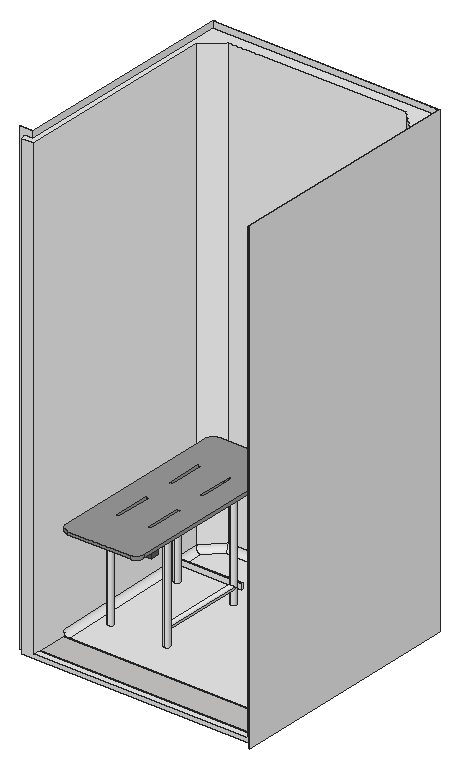
Revit family "LES24038A75FTT.V2,2FTT.V2,75FTB.V2,2FTB.V2", category Plumbing Fixtures, Revit 2017
Family settings
  Round Connector Dimension = Use Diameter
  Part Type = Normal
  OmniClass Number = 23.45.05.14.17
  OmniClass Title = Showers
  Work Plane-Based = No
  Always vertical = Yes
  Cut with Voids When Loaded = No
  Shared = No
  Room Calculation Point = No
Parameters (values of type "LES24038A75FTT.V2")
  Unit Width = 40 1/4"
  Unit Height = 78 3/4"
  Unit Depth = 39"
  URL = "http://www.bestbath.com/"
  Type Comments = "ADA Compliant"
  Threshold Height = 3/4"
  Seat Height = 18"
  Model = "LES24038A75FTT.V2"
  Material [instance] = Best Bath Gelcoat Fiberglass - 8in Tile
  Manufacturer = "best bath"
  Keynote = "22 40 00.B3"
  Description = "Trench Drain, 8\" Traditional Bull Nose Threshold"
  Assembly Code = "D2010710"
Types (5): name | Unit Height | Unit Depth | Threshold Height | Model | Description
  (no name) | 78 3/4" | 39" | 3/4" | "LES24038A75FTT.V2" | "Trench Drain, 8\" Traditional Bull Nose Threshold"
  LES24038A75FTB.V2 | 78 3/4" | 38" | 3/4" | "LES24038A75FTB.V2" | "Trench Drain, 8\" Tile, Beveled Threshold"
  LES24038A2FTB.V2 | 80" | 38" | 2" | "LES24038A2FTB.V2" | "Trench Drain, 8\" Tile, Traditional Bull Nose Threshold"
  LES24038A75FTT.V2 | 78 3/4" | 39" | 3/4" | "LES24038A75FTT.V2" | "Trench Drain, 8\" Traditional Bull Nose Threshold"
  LES24038A2FTT.V2 | 80" | 38" | 2" | "LES24038A2FTT.V2" | "Trench Drain, 8\" Tile, Traditional Bull Nose Threshold"
Reference planes (in)
  plane 1 "Back": y = -0.5
  plane 2: z = 0
  plane 3 "Left": x = 0
  plane 4: x = 38.25
  plane 5: y = -39.5
  plane 6: z = 77.75
  plane 7: z = 0.75
  plane 8: z = 78.75
  plane 9: x = 19.125
  plane 10: y = -38.375
  plane 11: y = -2.5
  plane 12: z = 0.375
  plane 13: z = 18.75
  plane 14: z = 34.75
  plane 15: z = 39.75
  plane 16: y = -40.5
  plane 17: x = -2
  plane 18: y = -35.8125
  plane 19: y = -33.26562
Forms (in)
  Extrusion 1, solid, material "Best Bath Gelcoat Fiberglass - Smooth"
    sketch origin (0, 0, 0) x (1, 0, 0) y (0, 1, 0)
      loop
        line (0, -0.5) -> (0, -38.375) -> (-1.17644, -38.375) -> (-0.875, -39.5) -> (1.125, -39.5) -> (1.125, -5.5) -> (4.125, -2.5) -> (34.125, -2.5) -> (37.125, -5.5) -> (37.125, -39.5) -> (38.25, -39.5) -> (38.25, -0.5) -> (0, -0.5)
    from 0 to 77.75
  Extrusion 2, solid, material "Best Bath Gelcoat Fiberglass - Smooth"
    sketch origin (0, 0, 0) x (1, 0, 0) y (0, 1, 0)
      loop
        line (0, -0.5) -> (0, -38.375) -> (-2.02391, -38.375) -> (-2.02391, -38.5) -> (0.125, -38.5) -> (0.125, -0.625) -> (38.125, -0.625) -> (38.125, -40.5) -> (38.25, -40.5) -> (38.25, -0.5) -> (0, -0.5)
    from 0 to 78.75
  Extrusion 3, solid, material "Best Bath Gelcoat Fiberglass - Smooth"
    sketch origin (0, 0, 0) x (0, 1, 0) y (0, 0, 1)
      loop
        line (-39.5, 0) -> (-2.5, 0) -> (-2.5, 1.345) -> (-33.26562, 0.74969) -> (-39.5, 0.74969) -> (-39.5, 0)
    from 0 to 38.25
  Extrusion 4, void
    sketch origin (0, 0, 0) x (1, 0, 0) y (0, 1, 0)
      loop
        circle (19.125, -35.8125) r 1.5
    from 0 to 4.14312
  Extrusion 5, void
    sketch origin (0, 0, 0) x (1, 0, 0) y (0, 1, 0)
      loop
        line (1.125, -33.26562) -> (1.125, -38.375) -> (37.125, -38.375) -> (37.125, -33.26562) -> (1.125, -33.26562)
    from 0.375 to 4.14312
  Extrusion 6, solid, material "Stainless Steel, Brushed"
    sketch origin (0, 0, 0) x (1, 0, 0) y (0, 1, 0)
      loop
        line (1.25, -33.37995) -> (1.25, -38.24623) -> (37, -38.24623) -> (37, -33.37995) -> (1.25, -33.37995)
    from 0.58504 to 0.75
  Sweep 7, solid, material "Best Bath Gelcoat Fiberglass - Smooth"
    path in 3D
      loop
        line (1.125, -39.5, 0.74969) -> (1.125, -33.26562, 0.74969) -> (1.125, -5.5, 1.28695) -> (4.125, -2.5, 1.345) -> (34.125, -2.5, 1.345) -> (37.125, -5.5, 1.28695) -> (37.125, -33.26562, 0.74969) -> (37.125, -39.5, 0.74969)
    profile origin (1.125, -36.38281, 0.74969) x (-1, 0, 0) y (0, 0, 1)
      loop
        line (0, 0) -> (0, 1.00031)
        arc (0, 1.00031) -> (-0.29289, 0.29321) -> (-1, 0) r 1
        line (-1, 0) -> (0, 0)
  Extrusion 8, void
    sketch origin (0, 0, 0) x (1, 0, 0) y (0, 1, 0)
      loop
        line (1.125, -33.26562) -> (1.125, -46.76562) -> (37.125, -46.76562) -> (37.125, -33.26562) -> (1.125, -33.26562)
    from 0.75 to 4.14312
Cuts and joins
  Extrusion 4, Extrusion 5 cuts Extrusion 1
  Extrusion 4, Extrusion 5 cuts Extrusion 2
  Extrusion 4, Extrusion 5 cuts Extrusion 3
  joined: Extrusion 1, Extrusion 2, Extrusion 3
  Extrusion 8 cuts Sweep 7
Lines and regions (in)
  Split face 1
    outline origin (-0.875, -39.5, 77.75) x (0, 0, -1) y (1, 0, 0)
      loop
        line (75.46489, 38) -> (75.46489, 39)
      loop
        line (75.46489, 2) -> (75.46489, 0)
  sketch lines
    curve 1: line (1.125, -39.5, 0.74969) -> (1.125, -33.26562, 0.74969)
    curve 2: line (1.125, -33.26562, 0.74969) -> (1.125, -5.5, 1.28695)
    curve 3: line (1.125, -5.5, 1.28695) -> (4.125, -2.5, 1.345)
    curve 4: line (4.125, -2.5, 1.345) -> (34.125, -2.5, 1.345)
    curve 5: line (34.125, -2.5, 1.345) -> (37.125, -5.5, 1.28695)
    curve 6: line (37.125, -5.5, 1.28695) -> (37.125, -33.26562, 0.74969)
    curve 7: line (37.125, -33.26562, 0.74969) -> (37.125, -39.5, 0.74969)
Dimensions and locks (in)
  locked: plane 3 "Left" to plane 4 at 38.25
  "Unit Depth": plane 1 "Back" to plane 5
  "Threshold Height": plane 7 to level
  locked: plane 8 to plane 6 at 1
  "Unit Height": plane 8 to level
  equal spacing: plane 3 "Left", plane 9, plane 4
  locked: plane 11 to plane 1 "Back" at 2
  Extrusion 1 sketch curve to Extrusion 1 sketch curve = 4.24264"  (x2)
  locked: plane 7 to plane 12 at 0.375
  "Seat Height": plane 13 to plane 7
  locked: plane 14 to plane 7 at 34
  locked: plane 15 to plane 7 at 39
  plane 5 to plane 16 = 1"
  "Unit Width": plane 17 to plane 4
  locked: plane 18 to plane 5 at 3.6875
  locked: plane 19 to plane 5 at 6.23438
  locked: plane 19 to plane 10 at 5.10938
  cut or joined group of Extrusion 1, Extrusion 2, Extrusion 3, Extrusion 4, Extrusion 5 to cut or joined group of Extrusion 1, Extrusion 2, Extrusion 3, Extrusion 4, Extrusion 5 = 36"
  aligned and locked: level to plane 2
  aligned and locked: Extrusion 1 sketch curve to plane 11
  aligned and locked: plane 14 to nested 1
  aligned and locked: plane 15 to nested 2
  aligned and locked: plane 8 to cut or joined group of Extrusion 1, Extrusion 2, Extrusion 3, Extrusion 4, Extrusion 5
  aligned and locked: plane 6 to cut or joined group of Extrusion 1, Extrusion 2, Extrusion 3, Extrusion 4, Extrusion 5
  aligned and locked: Extrusion 3 to plane 4
  aligned and locked: Extrusion 3 to plane 3 "Left"
  aligned and locked: cut or joined group of Extrusion 1, Extrusion 2, Extrusion 3, Extrusion 4, Extrusion 5 to Extrusion 3  (x2)
  aligned and locked: plane 11 to Extrusion 3
  aligned and locked: Extrusion 3 to plane 5
  aligned and locked: plane 18 to Extrusion 4 sketch curve
  aligned and locked: plane 9 to Extrusion 4 sketch curve
  aligned and locked: Extrusion 5 sketch curve to plane 19
  aligned and locked: plane 10 to Extrusion 5 sketch curve
  aligned and locked: plane 7 to Extrusion 6
  aligned and locked: Sweep 7 sketch curve to profile plane
  aligned and locked: Extrusion 8 to cut or joined group of Extrusion 1, Extrusion 2, Extrusion 3, Extrusion 4, Extrusion 5
  aligned and locked: Extrusion 8 to plane 7
  aligned and locked: cut or joined group of Extrusion 1, Extrusion 2, Extrusion 3, Extrusion 4, Extrusion 5 to nested 3
  aligned and locked: plane 13 to nested 3
  aligned and locked: nested 4 to nested 2
  aligned and locked: plane 14 to nested 4
Automatic sketch dimensions
  Extrusion 1 sketch curve to plane 10 = 0"
  Extrusion 1 sketch curve to plane 5 = 0"  (x2)
  plane 3 "Left" to Extrusion 1 sketch curve = 4 1/8"
  plane 4 to Extrusion 1 sketch curve = 4 1/8"
  Extrusion 1 sketch curve to plane 3 "Left" = 7/8"
  Extrusion 1 sketch curve to Extrusion 1 sketch curve = 0.30144"
  Extrusion 2 sketch curve to plane 10 = 0"
  plane 1 "Back" to Extrusion 2 sketch curve = 0"
  Extrusion 2 sketch curve to plane 3 "Left" = 0"
  Extrusion 2 sketch curve to plane 16 = 0"
  Extrusion 2 sketch curve to plane 4 = 0"
  Extrusion 2 sketch curve to plane 10 = 1/8"
  plane 3 "Left" to Extrusion 2 sketch curve = 1/8"
  plane 4 to Extrusion 2 sketch curve = 1/8"
  plane 1 "Back" to Extrusion 2 sketch curve = 1/8"
  Extrusion 2 sketch curve to plane 3 "Left" = 2.02391"
  plane 1 "Back" to Extrusion 1 sketch curve = 0"
  Extrusion 1 sketch curve to plane 3 "Left" = 0"
  Extrusion 1 sketch curve to plane 4 = 0"
  plane 3 "Left" to Extrusion 1 sketch curve = 1 1/8"
  plane 4 to Extrusion 1 sketch curve = 1 1/8"
  Extrusion 3 sketch curve to level = 0"
  Extrusion 3 sketch curve to plane 5 = 0"
  Extrusion 3 sketch curve to plane 11 = 0"
  Extrusion 3 sketch curve to plane 7 = 0.00031"
  plane 7 to Extrusion 3 sketch curve = 0.595"
  plane 19 to Extrusion 3 sketch curve = 0"
  Sweep 7 sketch curve to profile plane = 0"
  profile plane to Sweep 7 sketch curve = 1"
  Sweep 7 sketch curve to Sweep 7 sketch curve = 1.00031"
  Sweep 7 sketch curve to Sweep 7 sketch curve = 0"
  plane 3 "Left" to Extrusion 8 sketch curve = 1 1/8"
  plane 4 to Extrusion 8 sketch curve = 1 1/8"
  Extrusion 8 sketch curve to plane 16 = 6 17/64"
  plane 16 to Extrusion 8 sketch curve = 7 15/64"
  cut or joined group of Extrusion 1, Extrusion 2, Extrusion 3, Extrusion 4, Extrusion 5 to Split face 1 sketch curve = 0"  (x3)
  Split face 1 sketch curve to cut or joined group of Extrusion 1, Extrusion 2, Extrusion 3, Extrusion 4, Extrusion 5 = 0"
  cut or joined group of Extrusion 1, Extrusion 2, Extrusion 3, Extrusion 4, Extrusion 5 to Split face 1 sketch curve = 1.53542"  (x2)
  plane 3 "Left" to Extrusion 5 sketch curve = 1 1/8"
  plane 4 to Extrusion 5 sketch curve = 1 1/8"
  plane 10 to Extrusion 6 sketch curve = 0.12877"
  plane 3 "Left" to Extrusion 6 sketch curve = 1 1/4"
  plane 4 to Extrusion 6 sketch curve = 1 1/4"
  Extrusion 6 sketch curve to plane 19 = 0.11433"
  radius of Extrusion 4 sketch curve = 1 1/2"
Nested families (in)
  nested 1: "Grab Bar - horiz" at (19.125, -2.5, 0.125), type "12" x 1.25""
  nested 2: "Grab Bar - vertical" at (37.125, -34.5, 0.125) x (0, -1, 0) z (0, 0, 1), type "18" x 1.25""
  nested 3: "ADA Shower Seat SE3215PHSO" at (1.125, -20, 0.125) x (0, 1, 0) z (0, 0, 1), type "32" x 15""
  nested 4: "Grab Bar - horiz" at (37.125, -8.5, 0.125) x (0, -1, 0) z (0, 0, 1), type "24" x 1.25""
Definition of nested family "Grab Bar - horiz"
  Parameters (values of type "12" x 1.25"")
    Grab Bar Size = 12"
    URL = "http://seachrome.com/"
    Threshold Height = 5/8"
    Mounting Height = 34"
    Model = "GB12QSS"
    Manufacturer = "Seachrome Corp."
    Keynote = "10 28 00.C1"
    Description = "12\" x 1.25\" grab bar"
    Assembly Code = "C1030200"
  Types (13): name | Grab Bar Size | Model | Description
    12" x 1.25" | 12" | "GB12QSS" | "12\" x 1.25\" grab bar"
    27" x 1.25" | 27" | "GB27QSS" | "27\" x 1.25\" grab bar"
    24" x 1.25" | 24" | "GB24QSS" | "24\" x 1.25\" grab bar"
    48" x 1.25" | 48" | "GB48QSS" | "48\" x 1.25\" grab bar"
    25" x 1.25" | 25" | "GB25QSS" | "25\" x 1.25\" grab bar"
    42" x 1.25" | 42" | "GB42QSS" | "42\" x 1.25\" grab bar"
    18" x 1.25" | 18" | "GB18QSS" | "18\" x 1.25\" grab bar"
    22" x 1.25" | 22" | "GB22QSS" | "22\" x 1.25\" grab bar"
    30" x 1.25" | 30" | "GB30QSS" | "30\" x 1.25\" grab bar"
    36" x 1.25" | 36" | "GB36QSS" | "36\" x 1.25\" grab bar"
    38" x 1.25 | 38" | "GB38QSS" | "38\" x 1.25\" grab bar"
    44" x 1.25" | 44" | "GB44QSS" | "44\" x 1.25\" grab bar"
    39" x 1.25" | 39" | "GB24QSS" | "39\" x 1.25\" grab bar"
  Reference planes (in)
    plane 1 "Center (Front/Back)": y = 0
    plane 2: z = 0
    plane 3 "Center (Left/Right)": x = 0
    plane 4: z = 34.625
    plane 5: z = 0.625
    plane 6: x = 12
  Forms (in)
    Extrusion 1, solid
      sketch origin (0, 0, 0) x (1, 0, 0) y (0, 0, 1)
        loop
          circle (0, 34.625) r 1.5625
        loop
          circle (12, 34.625) r 1.5625
      from 0 to 0.25
    Sweep 2, solid
      path origin (0, 0, 0) x (1, 0, 0) y (0, 1, 0)
        loop
          line (0, -0.25) -> (0, -0.375)
          arc (0, -0.375) -> (0.51256, -1.61244) -> (1.75, -2.125) r 1.75
          line (1.75, -2.125) -> (10.25, -2.125)
          arc (10.25, -2.125) -> (11.48744, -1.61244) -> (12, -0.375) r 1.75
          line (12, -0.375) -> (12, -0.25)
      profile origin (6, -2.125, 0) x (0, 1, 0) y (0, 0, 1)
        loop
          circle (0, 34.625) r 0.625
  Dimensions and locks (in)
    "Threshold Height": plane 5 to level
    "Mounting Height": plane 4 to plane 5
    "Grab Bar Size": plane 6 to plane 3 "Center (Left/Right)"
    Sweep 2 sketch curve to plane 1 "Center (Front/Back)" = 2 1/8"
    aligned and locked: level to plane 2
  Automatic sketch dimensions
    Extrusion 1 sketch curve to plane 3 "Center (Left/Right)" = 0"
    Extrusion 1 sketch curve to plane 4 = 0"  (x2)
    Extrusion 1 sketch curve to plane 6 = 0"
    Sweep 2 sketch curve to plane 3 "Center (Left/Right)" = 0"
    plane 1 "Center (Front/Back)" to Sweep 2 sketch curve = 3/8"
    Sweep 2 sketch curve to plane 6 = 0"
    Sweep 2 sketch curve to plane 6 = 1 3/4"
    Sweep 2 sketch curve to Sweep 2 sketch curve = 1/8"  (x2)
    Sweep 2 sketch curve to profile plane = 0"
    level to Sweep 2 sketch curve = 34 5/8"
    radius of Extrusion 1 sketch curve = 1 9/16"  (x2)
    radius of Sweep 2 sketch curve = 5/8"
Definition of nested family "Grab Bar - vertical"
  Parameters
    Wall Clearance = 2 1/8"
    Mounting Height = 39"
    Grab Bar Size = 18"
    URL = "http://seachrome.com/"
    Threshold Height = 5/8"
    Model = "GB18QSS"
    Manufacturer = "Seachrome Corp."
    Keynote = "10 28 00.C1"
    Description = "18\" x 1.25\" grab bar"
    Assembly Code = "C1030200"
  Reference planes (in)
    plane 1 "Center (Front/Back)": y = 0
    plane 2: z = 0
    plane 3 "Center (Left/Right)": x = 0
    plane 4: z = 39.625
    plane 5: z = 57.625
    plane 6: z = 0.625
  Forms (in)
    Sweep 1, solid
      path origin (0, 0, 0) x (0, 1, 0) y (0, 0, 1)
        loop
          line (-0.25, 39.625) -> (-0.375, 39.625)
          arc (-0.375, 39.625) -> (-1.61244, 40.13756) -> (-2.125, 41.375) r 1.75
          line (-2.125, 41.375) -> (-2.125, 55.875)
          arc (-2.125, 55.875) -> (-1.61244, 57.11244) -> (-0.375, 57.625) r 1.75
          line (-0.375, 57.625) -> (-0.25, 57.625)
      profile origin (0, -0.3125, 39.625) x (0, 0, -1) y (1, 0, 0)
        loop
          circle (0, 0) r 0.625
    Extrusion 2, solid
      sketch origin (0, 0, 0) x (1, 0, 0) y (0, 0, 1)
        loop
          circle (0, 39.625) r 1.5625
        loop
          circle (0, 57.625) r 1.5625
      from 0 to 0.25
  Dimensions and locks (in)
    "Grab Bar Size": plane 5 to plane 4
    Extrusion 2 to Sweep 1 sketch curve = 1 7/8"
    "Threshold Height": plane 6 to level
    "Mounting Height": plane 4 to plane 6
    aligned and locked: level to plane 2
    aligned and locked: plane 5 to Sweep 1 sketch curve
    aligned and locked: Sweep 1 sketch curve to plane 4
  Automatic sketch dimensions
    Sweep 1 sketch curve to plane 3 "Center (Left/Right)" = 0"
    Sweep 1 sketch curve to profile plane = 0"
    Extrusion 2 sketch curve to plane 3 "Center (Left/Right)" = 0"  (x2)
    Extrusion 2 sketch curve to plane 4 = 0"
    Extrusion 2 sketch curve to plane 5 = 0"
    Sweep 1 sketch curve to plane 5 = 1 3/4"
    plane 1 "Center (Front/Back)" to Sweep 1 sketch curve = 1/4"
    Sweep 1 sketch curve to Sweep 1 sketch curve = 1/8"
    Sweep 1 sketch curve to plane 5 = 0"
    plane 4 to Sweep 1 sketch curve = 1 3/4"
    radius of Sweep 1 sketch curve = 5/8"
    radius of Extrusion 2 sketch curve = 1 9/16"  (x2)
Definition of nested family "ADA Shower Seat SE3215PHSO"
  Parameters (values of type "32" x 15"")
    URL = "http://seachrome.com/"
    Threshold height = 5/8"
    Seat Width = 32"
    Seat Height = 18"
    Seat Depth = 13 1/4"
    Model = "SE3216PHSO"
    Manufacturer = "Seachrome"
    Keynote = "10 28 00"
    Description = "32\" x 15\" fold down seat with swing-down legs, phenolic"
    Assembly Code = "C1030200"
  Reference planes (in)
    plane 1 "Center (Front/Back)": y = 0
    plane 2: z = 0
    plane 3 "Center (Left/Right)": x = 0
    plane 4: x = 16
    plane 5: x = -16
    plane 6: y = -1.5
    plane 7: y = -14.75
    plane 8: z = 18.125
    plane 9: z = 18.625
    plane 10: y = -8.125
    plane 11: x = 12.5
    plane 12: x = -12.5
    plane 13: x = 7
    plane 14: x = -7
    plane 15: z = 3.125
    plane 16: x = -8.75
    plane 17: x = 8.75
    plane 18: z = 14.875
    plane 19: y = -2.875
    plane 20: z = 0.625
    plane 21: y = -10.75
    plane 22: y = -13
    plane 23: y = -12.375
    plane 24: z = 17.49143
    plane 25: y = -12.375
  Forms (in)
    Extrusion 1, solid
      sketch origin (0, 0, 0) x (1, 0, 0) y (0, 1, 0)
        loop
          line (-14.7, -14.75) -> (14.7, -14.75)
          arc (14.7, -14.75) -> (15.61924, -14.36924) -> (16, -13.45) r 1.3
          line (16, -13.45) -> (16, -3)
          arc (16, -3) -> (15.56066, -1.93934) -> (14.5, -1.5) r 1.5
          line (14.5, -1.5) -> (-14.5, -1.5)
          arc (-14.5, -1.5) -> (-15.56066, -1.93934) -> (-16, -3) r 1.5
          line (-16, -3) -> (-16, -13.45)
          arc (-16, -13.45) -> (-15.61924, -14.36924) -> (-14.7, -14.75) r 1.3
        loop
          line (-2.5, -10.50752) -> (-8.5, -10.50752) -> (-8.5, -11.00752) -> (-2.5, -11.00752) -> (-2.5, -10.50752)
        loop
          line (2.5, -10.50752) -> (2.5, -11.00752) -> (8.5, -11.00752) -> (8.5, -10.50752) -> (2.5, -10.50752)
        loop
          line (-2.5, -5.74248) -> (-2.5, -5.24248) -> (-8.5, -5.24248) -> (-8.5, -5.74248) -> (-2.5, -5.74248)
        loop
          line (2.5, -5.74248) -> (8.5, -5.74248) -> (8.5, -5.24248) -> (2.5, -5.24248) -> (2.5, -5.74248)
      from 18.125 to 18.625
    Extrusion 2, solid
      sketch origin (0, 0, 0) x (1, 0, 0) y (0, 0, 1)
        loop
          line (12.5, 18.125) -> (11.25, 18.125) -> (11.25, 16.875) -> (12.5, 16.875) -> (12.5, 18.125)
        loop
          line (-12.5, 18.125) -> (-12.5, 16.875) -> (-11.25, 16.875) -> (-11.25, 18.125) -> (-12.5, 18.125)
      from 2 to 14.23695
    Extrusion 3, solid
      sketch origin (0, 0, 0) x (0, 1, 0) y (0, 0, 1)
        loop
          circle (-12.375, 17.49143) r 0.5
        loop
          circle (-2.875, 17.49143) r 0.5
      from -11.25 to 11.25
    Extrusion 4, solid
      sketch origin (-0.00335, 0.90282, 0) x (1, 0, 0) y (0, 1, 0)
        loop
          circle (7.00288, -13.27782) r 0.5
        loop
          circle (6.98784, -3.77782) r 0.5
        loop
          circle (-7.00288, -13.27782) r 0.5
        loop
          circle (-7.00144, -3.77782) r 0.5
      from 0.625 to 17.45503
    Extrusion 5, solid
      sketch origin (0, -2.68302, -0.38929) x (0, 1, 0) y (0, 0, 1)
        loop
          circle (-9.70766, 3.94738) r 0.41989
      from -7.0139 to 7.00631
    Extrusion 6, solid
      sketch origin (0, 0, 0) x (0, 1, 0) y (0, 0, 1)
        loop
          line (-2, 3.125) -> (-2, 4.01812) -> (-13.31832, 4.01812) -> (-13.31832, 3.125) -> (-2, 3.125)
      from 7.85927 to 7.555
    Extrusion 7, solid
      sketch origin (0, 0, 0) x (1, 0, 0) y (0, 0, 1)
        loop
          circle (-8.75563, 14.87196) r 1.5
        loop
          circle (8.75563, 14.87196) r 1.5
      from 0 to 0.25
    Sweep 8, solid
      path origin (0, 0.91927, -0.03928) x (0, 1, 0) y (0, 0, 1)
        loop
          line (-0.94606, 14.91428) -> (-2.50443, 14.91428)
          arc (-2.50443, 14.91428) -> (-3.41648, 15.29207) -> (-3.79427, 16.20412) r 1.28984
          line (-3.79427, 16.20412) -> (-3.79427, 17.45503)
      profile origin (0, -0.80598, 14.875) x (0, 0, -1) y (1, 0, 0)
        loop
          circle (-0.00304, 8.75) r 0.5
        loop
          circle (-0.00304, -8.75) r 0.5
  Dimensions and locks (in)
    equal spacing: plane 5, plane 3 "Center (Left/Right)", plane 4
    "Seat Width": plane 5 to plane 4
    "Seat Depth": plane 7 to plane 6
    locked: plane 6 to plane 1 "Center (Front/Back)" at 1.5
    locked: plane 9 to plane 8 at 0.5
    equal spacing: plane 7, plane 10, plane 6
    equal spacing: plane 11, plane 3 "Center (Left/Right)", plane 12
    equal spacing: plane 14, plane 3 "Center (Left/Right)", plane 13
    Extrusion 4 sketch curve to plane 10 to Extrusion 4 sketch curve = 5 1/4", 4 1/4"
    equal spacing: plane 16, plane 3 "Center (Left/Right)", plane 17
    locked: Extrusion 6 to Extrusion 6 at 0.30428
    "Threshold height": plane 20 to level
    "Seat Height": plane 9 to plane 20
    Extrusion 1 sketch curve to plane 21 = 4"
    Extrusion 1 sketch curve to Extrusion 1 sketch curve = 6"
    plane 10 to plane 1 "Center (Front/Back)" = 8 1/8"
    plane 19 to plane 1 "Center (Front/Back)" = 2 7/8"
    plane 19 to plane 23 = 9 1/2"
    locked: plane 9 to plane 24 at 1.13357
    plane 25 to plane 19 = 9 1/2"
    aligned and locked: plane 2 to level
    aligned and locked: Extrusion 1 sketch curve to plane 6
    aligned and locked: Extrusion 1 sketch curve to plane 5
    aligned and locked: plane 4 to Extrusion 1 sketch curve
    aligned and locked: plane 9 to Extrusion 1
    aligned and locked: Extrusion 1 to plane 8
    aligned and locked: plane 11 to Extrusion 2 sketch curve
    aligned and locked: plane 12 to Extrusion 2 sketch curve
    aligned and locked: Extrusion 7 to plane 1 "Center (Front/Back)"
    aligned and locked: plane 7 to Extrusion 1
    aligned and locked: Extrusion 1 to plane 6
    aligned and locked: plane 23 to Extrusion 4 sketch curve
    aligned and locked: plane 24 to Extrusion 3 sketch curve
    aligned and locked: plane 19 to Extrusion 3 sketch curve
  Automatic sketch dimensions
    Extrusion 2 sketch curve to plane 8 = 0"  (x2)
    Extrusion 2 sketch curve to plane 8 = 1 1/4"  (x2)
    Extrusion 2 sketch curve to Extrusion 2 sketch curve = 1 1/4"  (x2)
    plane 16 to Extrusion 7 sketch curve = 0.00563"
    Extrusion 7 sketch curve to plane 17 = 0.00563"
    Extrusion 7 sketch curve to plane 18 = 0.00304"  (x2)
    profile plane to Sweep 8 sketch curve = 0.00304"  (x2)
    Sweep 8 sketch curve to plane 3 "Center (Left/Right)" = 8 3/4"
    plane 3 "Center (Left/Right)" to Sweep 8 sketch curve = 8 3/4"
    plane 22 to Extrusion 3 sketch curve = 5/8"
    Extrusion 3 sketch curve to plane 8 = 0.63357"
    plane 22 to Extrusion 5 sketch curve = 0.60932"
    Extrusion 5 sketch curve to plane 15 = 0.4331"
    Sweep 8 sketch curve to plane 19 = 0"
    Sweep 8 sketch curve to plane 18 = 0"
    plane 6 to Sweep 8 sketch curve = 0.08516"
    plane 1 "Center (Front/Back)" to Sweep 8 sketch curve = 0.02679"
    Sweep 8 sketch curve to plane 8 = 0.70926"
    plane 15 to Extrusion 6 sketch curve = 0"
    Extrusion 6 sketch curve to plane 22 = 0.31832"
    plane 6 to Extrusion 6 sketch curve = 1/2"
    Extrusion 6 sketch curve to plane 15 = 0.89312"
    plane 5 to Extrusion 1 sketch curve = 1.3"
    Extrusion 1 sketch curve to plane 19 = 1/8"
    Extrusion 1 sketch curve to plane 16 = 1/4"  (x2)
    Extrusion 1 sketch curve to plane 3 "Center (Left/Right)" = 2 1/2"
    plane 3 "Center (Left/Right)" to Extrusion 1 sketch curve = 2 1/2"  (x2)
    Extrusion 1 sketch curve to plane 21 = 0.24248"  (x2)
    plane 17 to Extrusion 1 sketch curve = 1/4"  (x2)
    Extrusion 1 sketch curve to plane 4 = 1 1/2"
    Extrusion 1 sketch curve to plane 22 = 0.45"
    plane 21 to Extrusion 1 sketch curve = 0.25752"  (x2)
    plane 10 to Extrusion 1 sketch curve = 2.38252"  (x2)
    Extrusion 1 sketch curve to Extrusion 1 sketch curve = 1/2"  (x2)
    Extrusion 4 sketch curve to plane 19 = 0"
    Extrusion 4 sketch curve to plane 14 = 0.00623"
    Extrusion 4 sketch curve to plane 14 = 0.00479"
    Extrusion 4 sketch curve to plane 13 = 0.01551"
    Extrusion 4 sketch curve to plane 13 = 0.00046"
    radius of Extrusion 7 sketch curve = 1 1/2"  (x2)
    radius of Sweep 8 sketch curve = 1/2"  (x2)
    radius of Extrusion 3 sketch curve = 1/2"  (x2)
    radius of Extrusion 5 sketch curve = 0.41989"
    radius of Extrusion 4 sketch curve = 1/2"  (x4)
